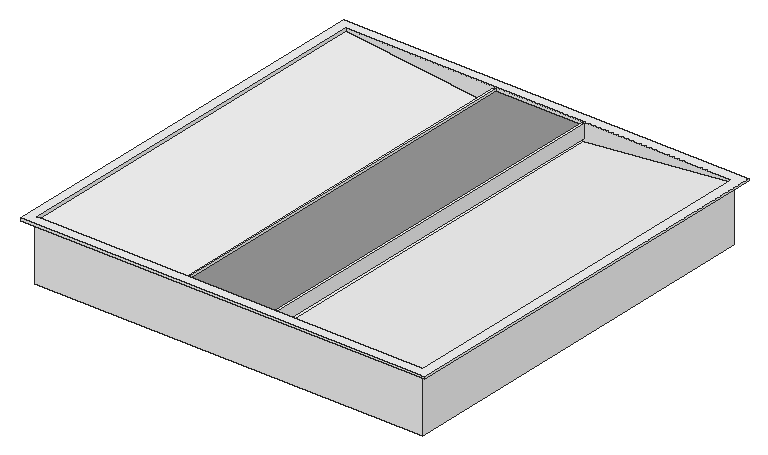
Revit family "2069248 Sylvania Lighting Fixture OFFICELYTE 600 HE 4K SSH01 EM", category Lighting Fixtures, host Face, Revit 2017
Family settings
  Host = Face
  Round Connector Dimension = Use Diameter
  Part Type = Normal
  OmniClass Number = 23.80.70.11.17
  OmniClass Title = Specialized Lighting by Location or Use
  Cut with Voids When Loaded = No
  Light Source = Yes
  Shared = No
  Room Calculation Point = No
Parameters (values of type "2069248 OFFICELYTE 600 HE 4K SSH01 EM Emergency mode")
  Width_SYL = 595.0 mm
  Weight = "7.1 kg"
  Wattage = 1.74016 W
  WarrantyStartDate [instance] = "n/a"
  WarrantyGuarantorParts = "n/a"
  WarrantyDurationUnit = "n/a"
  WarrantyDurationParts = "n/a"
  WarrantyDescription = "n/a"
  built-in parameter 1150110 = 1 (stored number, unit not read)
  Voltage = 230 V
  URL = "http://www.sylvania-lighting.com"
  TypeName = "OFFICELYTE 600 HE 4K SSH01 EM Emergency mode"
  built-in parameter 1114217 = 1 (stored number, unit not read)
  Tilt Angle = -90.00°
  built-in parameter 1150109 = 1 (stored number, unit not read)
  built-in parameter 1150134 = 12
  built-in parameter 1150113 = 1 (stored number, unit not read)
  SerialNumber [instance] = "n/a"
  PowerFactor = 0.95
  PowerConsumption = "28 W"
  Photometric Web File = "2069248EM.ies"
  NominalWidth = 0.0 mm
  NominalLength = 595.0 mm
  NominalHeight = 87.0 mm
  Name = "OFFICELYTE 600 HE 4K SSH01 EM Emergency mode"
  ModelReference = "OFFICELYTE 600 HE 4K SSH01 EM Emergency mode"
  ModelNumber = "2069248"
  Material = "zintec housing, acrylic diffuser"
  ManufacturerName = "Feilo Sylvania"
  LuminousEfficacy = "127 lm/W"
  LuminaireType = ""
  LightOutputRatio = "100"
  Length_SYL = Width_SYL  # 595.0 mm
  LampsType = Lamp  # "LED"
  LampNominalLuminous = "3545 lm"
  LampMacAdamStep = "n/a"
  LampColourTemperature = "4000 K"
  LampColourRenderingIndex = "80"
  Keynote = "16500"
  InstallationDate [instance] = "n/a"
  InputVoltage = "230-240V~"
  InputNominalFrequency = "50/60 Hz"
  IngressProtection = "IP20"
  ImpactProtectionIndex = "IK02"
  IfcExportType = "IfcLightFixtureType"
  IfcExportAs = "IfcLightFixtureType"
  Height_SYL = 84.0 mm
  ExpectedLife = 50000
  ElectricShockClassification = "Class I"
  DurationUnit = "hours"
  DocumentationLiterature = "http://www.sylvania-lighting.com/product/en-int/products/2069248"
  DimmingControlOptions = "n/a"
  Material_2_SYL = Acrylic_Sylvania_Officelyte LP LED_Satin_4000K
  CreatedOn = "8/23/2018"
  CreatedBy = ""
  built-in parameter 1114216 [instance] = 1 (stored number, unit not read)
  Model = "OFFICELYTE 600 HE 4K SSH01 EM Emergency mode"
  Manufacturer = "Havells-Sylvania Group"  # constant formula
  built-in parameter 1150105 = 17.587 (stored number, unit not read)
  Lumens = 221 lm
  built-in parameter 1150115 = 1 (stored number, unit not read)
  built-in parameter 1150137 = (empty or 0)
  built-in parameter 1150139 = (empty or 0)
  built-in parameter 1150112 = 1 (stored number, unit not read)
  built-in parameter 1150114 = 1 (stored number, unit not read)
  Lamp = "LED"
  built-in parameter 1150132 = 2
  built-in parameter 1150102 = (empty or 0)
  built-in parameter 1150107 = 4000 (stored number, unit not read)
  built-in parameter 1150138 = (empty or 0)
  built-in parameter 1150106 = 0.17587 (stored number, unit not read)
  Material_3_SYL = Steel_Sylvania_Officelyte LP LED_White_RAL 9016
  Emit from Rectangle Width = Width_SYL - 31.0 mm  # 564.0 mm
  Emit from Rectangle Length = Length_SYL - 31.0 mm  # 564.0 mm
  Emit Shape Visible in Rendering = no
  built-in parameter 1150104 = 11.799 (stored number, unit not read)
  Dimming Lamp Color Temperature Shift = <None>
  Material_1_SYL = Steel_Sylvania_Officelyte LP LED_White_RAL 9016
  Description = "The Concord OFFICELYTE LP LED HO 4K 600 is a high efficient luminaire for Office, education, meeting rooms. With efficacy of 95lm/W, at 4549lm, CRI of 85 and a very low glare ratio according to EN12464."  # constant formula
  Default Elevation = 0.0 mm
  Color Filter = 16777215
  built-in parameter 1140040 [instance] = 1
  BarCode [instance] = "n/a"
  built-in parameter 1114218 = 1 (stored number, unit not read)
  built-in parameter 1150133 = 10 (stored number, unit not read)
  AssetType = "Fixed"
  AssetIdentifier [instance] = "n/a"
  Assembly Code = "D5020200"
  Apparent Load = 1.74016 VA
Types (2, lengths in mm): name | Wattage | TypeName | Photometric Web File | Name | ModelReference | Model | built-in parameter 1150105 | Lumens | built-in parameter 1150106 | Apparent Load
  2069248 OFFICELYTE 600 HE 4K SSH01 EM Emergency mode | 1.74016 W | "OFFICELYTE 600 HE 4K SSH01 EM Emergency mode" | "2069248EM.ies" | "OFFICELYTE 600 HE 4K SSH01 EM Emergency mode" | "OFFICELYTE 600 HE 4K SSH01 EM Emergency mode" | "OFFICELYTE 600 HE 4K SSH01 EM Emergency mode" | 17.587 (stored number, unit not read) | 221 lm | 0.17587 (stored number, unit not read) | 1.74016 VA
  2069248 OFFICELYTE 600 HE 4K SSH01 EM | 28 W | "OFFICELYTE 600 HE 4K SSH01 EM" | "2069248.ies" | "OFFICELYTE 600 HE 4K SSH01 EM" | "OFFICELYTE 600 HE 4K SSH01 EM" | "OFFICELYTE 600 HE 4K SSH01 EM" | 282.98 (stored number, unit not read) | 3556 lm | 2.8298 (stored number, unit not read) | 28 VA
Reference planes
  plane 1 "Center (Front/Back)": y = 0
  plane 2: z = 0
  plane 3 "Center (Left/Right)": x = 0
  plane 4 "Fixture Bottom": z = 3
  plane 5 "Fixture Right": x = 297.5
  plane 6 "Profile Right": x = 284
  plane 7 "Profile Left": x = -284
  plane 8 "Fixture Left": x = -297.5
  plane 9 "Profile Back": y = 284
  plane 10 "Fixture Back": y = 297.5
  plane 11 "Fixture Front": y = -297.5
  plane 12: z = -25
  plane 13 "Box Right": x = 286
  plane 14 "Box Left": x = -286
  plane 15 "Box Back": y = 286
  plane 16 "Box Front": y = -286
  plane 17: x = 66.5
  plane 18: x = -66.5
  plane 19 "Difuser Right": x = 63.5
  plane 20 "Difuser Left": x = -63.5
  plane 21: z = -2
  plane 22: z = -4
  plane 23 "Profile Front": y = -284
  plane 24 "Fixture Top": z = -84
  plane 25 "Box Thickness": z = -82
  plane 26: z = -20
Forms (mm)
  Extrusion 1, void
    sketch origin (0, 0, 59) x (-1, 0, 0) y (0, -1, 0)
      loop
        line (-286, -286) -> (286, -286) -> (286, 286) -> (-286, 286) -> (-286, -286)
    from -141 to -56
  Extrusion 2, solid, material "Steel_Sylvania_Officelyte LP LED_White_RAL 9016" <- "Material_3_SYL", detail levels fine
    sketch origin (20, 0, 59) x (-1, 0, 0) y (0, -1, 0)
      loop
        line (-277.5, -297.5) -> (317.5, -297.5) -> (317.5, 297.5) -> (-277.5, 297.5) -> (-277.5, -297.5)
      loop
        line (304, -284) -> (304, 284) -> (-264, 284) -> (-264, -284) -> (304, -284)
    from -59 to -56
  Extrusion 3, solid, material "Steel_Sylvania_Officelyte LP LED_White_RAL 9016" <- "Material_3_SYL", detail levels fine
    sketch origin (0, 0, 0) x (1, 0, 0) y (0, 0, 1)
      loop
        arc (-65.868, -23.244) -> (-175.523, -17.552) -> (-284, -0.537) r 1059.086
        line (-284, -0.537) -> (-284, -2.581)
        arc (-284, -2.581) -> (-175.521, -19.563) -> (-65.868, -25.244) r 1061.086
        line (-65.868, -25.244) -> (65.87, -25.244)
        arc (65.87, -25.244) -> (175.522, -19.563) -> (284, -2.581) r 1061.094
        line (284, -2.581) -> (284, -0.538)
        arc (284, -0.538) -> (175.524, -17.552) -> (65.87, -23.244) r 1059.094
        line (65.87, -23.244) -> (-65.868, -23.244)
    from -284 to 284
  Extrusion 4, solid, material "Steel_Sylvania_Officelyte LP LED_White_RAL 9016" <- "Material_3_SYL", detail levels fine
    sketch origin (0, 0, 59) x (-1, 0, 0) y (0, -1, 0)
      loop
        line (284, -284) -> (284, 284) -> (-284, 284) -> (-284, -284) -> (284, -284)
      loop
        line (286, -286) -> (286, 286) -> (-286, 286) -> (-286, -286) -> (286, -286)
    from -141 to -59
  Extrusion 5, solid, material "Steel_Sylvania_Officelyte LP LED_White_RAL 9016" <- "Material_3_SYL", detail levels fine
    sketch origin (0, 0, 59) x (-1, 0, 0) y (0, -1, 0)
      loop
        line (66.5, -284) -> (66.5, 284) -> (63.5, 284) -> (63.5, -284) -> (66.5, -284)
      loop
        line (-66.5, 284) -> (-66.5, -284) -> (-63.5, -284) -> (-63.5, 284) -> (-66.5, 284)
    from -79 to -59
  Extrusion 6, solid, material "Acrylic_Sylvania_Officelyte LP LED_Satin_4000K" <- "Material_2_SYL", detail levels fine
    sketch origin (0, 0, -581) x (-1, 0, 0) y (0, -1, 0)
      loop
        line (-63.5, -284) -> (63.5, -284) -> (63.5, 284) -> (-63.5, 284) -> (-63.5, -284)
    from 577 to 579
  Extrusion 7, solid, material "Steel_Sylvania_Officelyte LP LED_White_RAL 9016" <- "Material_1_SYL", detail levels coarse+medium
    sketch origin (0, 0, 59) x (-1, 0, 0) y (0, -1, 0)
      loop
        line (297.5, -297.5) -> (297.5, 297.5) -> (-297.5, 297.5) -> (-297.5, -297.5) -> (297.5, -297.5)
    from -59 to -56
  Extrusion 8, solid, material "Steel_Sylvania_Officelyte LP LED_White_RAL 9016" <- "Material_1_SYL", detail levels coarse+medium
    sketch origin (0, 0, -501) x (-1, 0, 0) y (0, -1, 0)
      loop
        line (286, -286) -> (286, 286) -> (-286, 286) -> (-286, -286) -> (286, -286)
    from 417 to 501
  Extrusion 9, solid, material "Steel_Sylvania_Officelyte LP LED_White_RAL 9016" <- "Material_3_SYL", detail levels fine
    sketch origin (0, 0, 59) x (-1, 0, 0) y (0, -1, 0)
      loop
        line (-286, -286) -> (286, -286) -> (286, 286) -> (-286, 286) -> (-286, -286)
    from -143 to -141
Cuts and joins
  joined: Extrusion 2, Extrusion 4, Extrusion 9
  joined: Extrusion 3, Extrusion 5
Lines and regions (mm)
  symbolic lines
    curve 1: line (-297.5, 297.5, 59) -> (297.5, 297.5, 59)
    curve 2: line (-297.5, -297.5, 59) -> (-297.5, 297.5, 59)
    curve 3: line (297.5, -297.5, 59) -> (-297.5, -297.5, 59)
    curve 4: line (297.5, 297.5, 59) -> (297.5, -297.5, 59)
Dimensions and locks
  "Height_SYL": host face to plane 24 "Fixture Top"
  locked: plane 25 "Box Thickness" to plane 24 "Fixture Top" at 2
  "Width_SYL": plane 10 "Fixture Back" to plane 11 "Fixture Front"
  "Length_SYL": plane 8 "Fixture Left" to plane 5 "Fixture Right"
  equal spacing: plane 10 "Fixture Back", plane 1 "Center (Front/Back)", plane 11 "Fixture Front"
  equal spacing: plane 8 "Fixture Left", plane 3 "Center (Left/Right)", plane 5 "Fixture Right"
  locked: plane 18 to plane 20 "Difuser Left" at 3
  locked: plane 19 "Difuser Right" to plane 17 at 3
  plane 8 "Fixture Left" to plane 14 "Box Left" to plane 7 "Profile Left" = 11.5 mm locked, 2.0 mm locked
  plane 10 "Fixture Back" to plane 15 "Box Back" to plane 9 "Profile Back" = 11.5 mm locked, 2.0 mm locked
  plane 6 "Profile Right" to plane 13 "Box Right" to plane 5 "Fixture Right" = 2.0 mm locked, 11.5 mm locked
  plane 23 "Profile Front" to plane 16 "Box Front" to plane 11 "Fixture Front" = 2.0 mm locked, 11.5 mm locked
  plane 4 "Fixture Bottom" to plane 2 to plane 21 to plane 22 to plane 12 = 3.0 mm locked, 2.0 mm locked, 2.0 mm locked, 21.0 mm locked
  aligned and locked: plane 2 to host face
  aligned and locked: level to host face
  aligned and locked: plane 1 "Center (Front/Back)" to imposter light
  aligned and locked: plane 10 "Fixture Back" to Extrusion 2
  aligned and locked: plane 8 "Fixture Left" to Extrusion 2
  aligned and locked: Extrusion 2 to plane 7 "Profile Left"
  aligned and locked: Extrusion 2 to plane 5 "Fixture Right"
  aligned and locked: plane 6 "Profile Right" to Extrusion 2
  aligned and locked: Extrusion 2 to plane 11 "Fixture Front"
  aligned and locked: plane 4 "Fixture Bottom" to Extrusion 2
  aligned and locked: plane 18 to Extrusion 5 sketch curve
  aligned and locked: Extrusion 5 sketch curve to plane 17
  aligned and locked: plane 19 "Difuser Right" to Extrusion 5 sketch curve
  aligned and locked: Extrusion 5 sketch curve to plane 20 "Difuser Left"
  aligned and locked: plane 19 "Difuser Right" to Extrusion 6 sketch curve
  aligned and locked: Extrusion 6 sketch curve to plane 20 "Difuser Left"
  aligned and locked: plane 21 to Extrusion 6
  aligned and locked: Extrusion 6 to plane 22
  aligned and locked: Extrusion 7 sketch curve to plane 10 "Fixture Back"
  aligned and locked: plane 5 "Fixture Right" to Extrusion 7 sketch curve
  aligned and locked: plane 11 "Fixture Front" to Extrusion 7 sketch curve
  aligned and locked: Extrusion 7 sketch curve to plane 8 "Fixture Left"
  aligned and locked: plane 4 "Fixture Bottom" to Extrusion 7
  aligned and locked: Extrusion 8 to plane 24 "Fixture Top"
  aligned and locked: level to Extrusion 8
  aligned and locked: plane 5 "Fixture Right" to curve 4
  aligned and locked: curve 1 to plane 10 "Fixture Back"
  aligned and locked: curve 2 to plane 8 "Fixture Left"
  aligned and locked: plane 11 "Fixture Front" to curve 3
  aligned and locked: plane 9 "Profile Back" to Extrusion 4
  aligned and locked: Extrusion 4 sketch curve to plane 9 "Profile Back"
  aligned and locked: Extrusion 4 to Extrusion 1
  aligned and locked: imposter light to Extrusion 1
  aligned and locked: Extrusion 9 to plane 24 "Fixture Top"
  aligned and locked: plane 25 "Box Thickness" to Extrusion 9
  aligned and locked: cut or joined group of Extrusion 2, Extrusion 4, Extrusion 9 to plane 25 "Box Thickness"
  aligned and locked: Extrusion 4 sketch curve to plane 13 "Box Right"
  aligned and locked: plane 15 "Box Back" to Extrusion 4 sketch curve
  aligned and locked: Extrusion 4 sketch curve to plane 14 "Box Left"
  aligned and locked: plane 16 "Box Front" to Extrusion 4 sketch curve
  aligned and locked: Extrusion 9 sketch curve to plane 16 "Box Front"
  aligned and locked: plane 13 "Box Right" to Extrusion 9 sketch curve
  aligned and locked: Extrusion 9 sketch curve to plane 15 "Box Back"
  aligned and locked: Extrusion 9 sketch curve to plane 14 "Box Left"
  aligned and locked: plane 7 "Profile Left" to cut or joined group of Extrusion 3, Extrusion 5
  aligned and locked: cut or joined group of Extrusion 3, Extrusion 5 to plane 6 "Profile Right"
  aligned and locked: plane 9 "Profile Back" to cut or joined group of Extrusion 3, Extrusion 5
  aligned and locked: cut or joined group of Extrusion 3, Extrusion 5 to plane 23 "Profile Front"
  aligned and locked: plane 23 "Profile Front" to Extrusion 5 sketch curve
  aligned and locked: Extrusion 5 sketch curve to plane 9 "Profile Back"
  aligned and locked: Extrusion 8 sketch curve to plane 13 "Box Right"
  aligned and locked: plane 15 "Box Back" to Extrusion 8 sketch curve
  aligned and locked: plane 16 "Box Front" to Extrusion 8 sketch curve
  aligned and locked: plane 14 "Box Left" to Extrusion 8 sketch curve
  aligned and locked: Extrusion 1 sketch curve to Extrusion 8  (x4)
  aligned and locked: Extrusion 6 sketch curve to plane 23 "Profile Front"
  aligned and locked: plane 9 "Profile Back" to Extrusion 6 sketch curve
  aligned and locked: cut or joined group of Extrusion 3, Extrusion 5 to plane 26
  aligned and locked: plane 4 "Fixture Bottom" to imposter light
Automatic sketch dimensions
  host sketch curve to host sketch curve = 1305.563 mm
  host sketch curve to host sketch curve = 1414.187 mm
  Extrusion 2 sketch curve to plane 5 "Fixture Right" = 0.0 mm
  Extrusion 2 sketch curve to plane 6 "Profile Right" = 0.0 mm
  Extrusion 2 sketch curve to plane 7 "Profile Left" = 0.0 mm
  Extrusion 2 sketch curve to plane 8 "Fixture Left" = 0.0 mm
  Extrusion 2 sketch curve to plane 10 "Fixture Back" = 0.0 mm
  plane 9 "Profile Back" to Extrusion 2 sketch curve = 0.0 mm
  Extrusion 2 sketch curve to plane 23 "Profile Front" = 0.0 mm
  Extrusion 2 sketch curve to plane 11 "Fixture Front" = 0.0 mm
  Extrusion 3 sketch curve to Extrusion 3 sketch curve = 0.0 mm  (x2)
  Extrusion 3 sketch curve to Extrusion 3 sketch curve = 0.001 mm  (x2)
  Extrusion 3 sketch curve to level = 0.537 mm
  plane 14 "Box Left" to Extrusion 3 sketch curve = 2.0 mm
  Extrusion 3 sketch curve to plane 12 = 0.244 mm
  plane 18 to Extrusion 3 sketch curve = 0.632 mm
  Extrusion 3 sketch curve to plane 17 = 0.63 mm
  Extrusion 3 sketch curve to level = 0.538 mm
  Extrusion 3 sketch curve to plane 13 "Box Right" = 2.0 mm
  Extrusion 3 sketch curve to level = 23.244 mm
  Extrusion 4 sketch curve to plane 6 "Profile Right" = 0.0 mm
  Extrusion 4 sketch curve to plane 7 "Profile Left" = 0.0 mm
  Extrusion 4 sketch curve to plane 23 "Profile Front" = 0.0 mm
  Extrusion 5 sketch curve to plane 9 "Profile Back" = 0.0 mm
  Extrusion 5 sketch curve to plane 23 "Profile Front" = 0.0 mm
Connectors
  electrical at (0, 0, -84), driven by "Apparent Load"
    settings: on Extrusion 8, index 1, voltage 230 V, apparent load 0 VA, apparent load phase1 1.74016 VA, apparent load phase2 0 VA, apparent load phase3 0 VA, power factor 1, load classification "Lighting", number of poles 1, system type 31, power factor state 1, is connector primary yes, connector utility no, sub classification motor no, connector description ""
